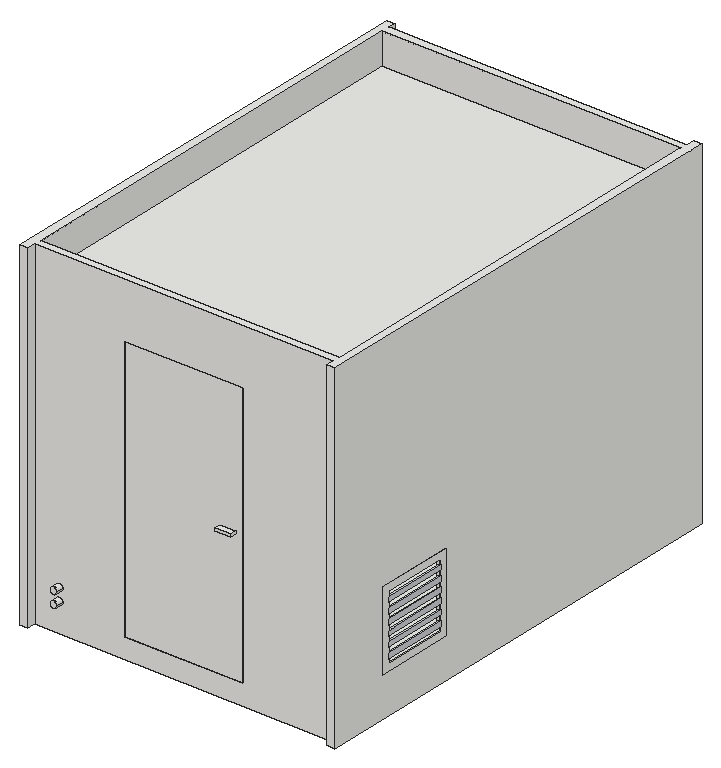
Revit family "HOSPITAIR C 15 bar", category Equipement de génie climatique, Revit 2018
Family settings
  Cote de connecteur circulaire = Utiliser le diamètre
  Classification = Aucun
  Type d'élément = Normal
  Basée sur le plan de construction = Non
  Toujours verticalement = Oui
  Couper avec des vides une fois chargée = Non
  Partagée = Non
  Point de calcul de pièce = Non
Parameters (values of type "HOSPITAIR C2 - 15 bar - MVX5 (NO CLIM)")
  Zone de maintenance = no
  VENTILATION LONGUEUR = 2940 mm
  TENSION_ALIM = 400 V  # constant formula
  PUISS_ELECT_Y = 5.6 kW
  PUISS_ELECT_X = 8.2 kW
  PUISS_APPARENTE_Y = PUISS_ELECT_Y / COS_PHI  # 6222.22 VA
  PUISS_APPARENTE_X = PUISS_ELECT_X / COS_PHI  # 9111.11 VA
  POIDS(Kg) = 1880 mm
  NIVEAU_SONORE(dB(A)) = 57
  NEUTRE = yes
  NBR_POLES = 3
  MVX4-5_MVA9_MVB12-16_MVC19-23_VENT = yes
  MVX4-5 MVA9_C2 = yes
  MVX4-5 MVA9_C1 = yes
  MVX4-5_ASPI_VENT C2 = no
  MVX4-5_ASPI_VENT C1 = yes
  MVC19-23_C2 = no
  MVC19-23_C1 = no
  MVC19-23_ASPI_VENT C2 = no
  MVC19-23_ASPI_VENT C1 = no
  MVB12_C2 = no
  MVB12_C1 = no
  MVA9_ASPI_VENT C2 = no
  MVA9_ASPI_VENT C1 = no
  Lien espace client = ""
  LONGUEUR_CABINE = 3500 mm
  LARG_SORTIE_RESERV = 1580 mm
  LARG_SORTIE_RESEAU = 785 mm
  LARG_CONDENSATS = 1100 mm
  LARGEUR_CABINE = 2400 mm
  HAUT_TROU_VENTIL = 2000 mm
  HAUT_SORTIE_RESERV = 1200 mm
  HAUT_SORTIE_RESEAU = 1510 mm
  HAUT_CONDENSATS = 310 mm
  HAUTEUR_CABINE = 2600 mm
  ELEC_ALIM Y = yes
  ELEC_ALIM X = yes
  Debit_réservoir_air = 44.0 m³/h
  Debit_refoulement_condensat = 0.0 m³/h
  Debit_refoulement réseau_air = 44.0 m³/h
  DOUBLE_ALIMENTATION = yes
  DIAM_RESEVOIR_AIR = 20 mm
  DIAM_REFOUL_CONDENSAT = 14 mm
  DIAM_REFOULEMENT RESEAU_AIR = 20 mm
  DESCR_RESERVOIR_AIR = "Connexion Réservoir Air; G3/4\"FEM"
  DESCR_REFOULEMENT RESEAU_AIR = "Refoulement Réseau Air; 44m3/h; G3/4\"FEM"
  DESCR_CONDENSAT = "Refoulement Condensat; Douille cannelée G1/2\""
  DESCR_ALIM_Y = "Alimentation électrique, 5G2.5mm²"
  DESCR_ALIM_X = "Alimentation électrique, 5G4mm²"
  COS_PHI = 0.9  # constant formula
  CLIMATISATION = no
  C2_LONGUEUR TROU = 300 mm
  C2 LONGUEUR = 970 mm
  C1_LONGUEUR TROU = 300 mm
  C1-C2_HAUTEUR TROU = 300 mm
  C1-C2_HAUTEUR = 1145 mm
  C1 LONGUEUR = 910 mm
  BRANCHEMENT_TERRE = yes
  VENTIL_TROU2 LONGUEUR = 500 mm
  VENTIL_TROU1 LONGUEUR = 600 mm
  VENTIL_TROU 1-2  HAUTEUR = 500 mm
  VENTIL_LONGUEUR 2 = 3000 mm
  VENTIL_LONGUEUR 1 = 450 mm
  VENTIL_TROU 1-2 HAUTEUR = 360 mm
Types (22, lengths in mm): name | VENTILATION LONGUEUR | PUISS_ELECT_Y | PUISS_ELECT_X | PUISS_APPARENTE_Y | PUISS_APPARENTE_X | POIDS(Kg) | NIVEAU_SONORE(dB(A)) | MVX4-5_MVA9_MVB12-16_MVC19-23_VENT | MVX4-5 MVA9_C2 | MVX4-5 MVA9_C1 | MVX4-5_ASPI_VENT C1 | MVC19-23_C2 | MVC19-23_C1 | MVC19-23_ASPI_VENT C2 | MVC19-23_ASPI_VENT C1 | MVB12_C2 | MVB12_C1 | MVA9_ASPI_VENT C2 | MVA9_ASPI_VENT C1 | LONGUEUR_CABINE | LARG_SORTIE_RESERV | LARG_SORTIE_RESEAU | LARG_CONDENSATS | HAUT_TROU_VENTIL | HAUT_SORTIE_RESERV | HAUT_SORTIE_RESEAU | HAUT_CONDENSATS | ELEC_ALIM Y | Debit_réservoir_air | Debit_refoulement réseau_air | DOUBLE_ALIMENTATION | DIAM_RESEVOIR_AIR | DIAM_REFOULEMENT RESEAU_AIR | DESCR_RESERVOIR_AIR | DESCR_REFOULEMENT RESEAU_AIR | DESCR_ALIM_Y | DESCR_ALIM_X | CLIMATISATION | C2_LONGUEUR TROU | C2 LONGUEUR | C1_LONGUEUR TROU | C1-C2_HAUTEUR TROU | C1-C2_HAUTEUR | C1 LONGUEUR | VENTIL_TROU2 LONGUEUR | VENTIL_TROU1 LONGUEUR | VENTIL_TROU 1-2  HAUTEUR | VENTIL_LONGUEUR 2 | VENTIL_LONGUEUR 1 | VENTIL_TROU 1-2 HAUTEUR
  (no name) | 2940 | 5.6 kW | 8.2 kW | 6222.22 VA | 9111.11 VA | 1880 | 57 | yes | yes | yes | yes | no | no | no | no | no | no | no | no | 3500 | 1580 | 785 | 1100 | 2000 | 1200 | 1510 | 310 | yes | 44.0 m³/h | 44.0 m³/h | yes | 20 | 20 | "Connexion Réservoir Air; G3/4\"FEM" | "Refoulement Réseau Air; 44m3/h; G3/4\"FEM" | "Alimentation électrique, 5G2.5mm²" | "Alimentation électrique, 5G4mm²" | no | 300 | 970 | 300 | 300 | 1145 | 910 | 500 | 600 | 500 | 3000 | 450 | 360
  HOSPITAIR C2 - 15 bar - MVX4 (CLIM) | 4500 | 4.1 kW | 8.4 kW | 4555.56 VA | 9333.33 VA | 1800 | 57 | no | yes | yes | yes | no | no | no | no | no | no | no | no | 3500 | 1580 | 785 | 857 | 2041.5 | 1216 | 1498 | 308 | yes | 44.0 m³/h | 44.0 m³/h | yes | 20 | 20 | "Connexion Réservoir Air; G3/4\"FEM" | "Refoulement Réseau Air; 44m3/h; G3/4\"FEM" | "Alimentation électrique, 5G1.5mm²" | "Alimentation électrique, 5G4mm²" | yes | 300 | 970 | 300 | 300 | 1145 | 910 | 500 | 600 | 600 | 3000 | 450 | 360
  HOSPITAIR C2 - 15 bar - MVA9 (CLIM) | 4500 | 7.6 kW | 11.9 kW | 8444.44 VA | 13222.2 VA | 2010 | 58 | no | yes | yes | no | no | no | no | no | no | no | no | yes | 4000 | 1580 | 785 | 804 | 2041.5 | 1235 | 1510 | 283 | yes | 100.0 m³/h | 100.0 m³/h | yes | 20 | 20 | "Connexion Réservoir Air; G3/4\"FEM" | "Refoulement Réseau Air; 100m3/h; G3/4\"FEM" | "Alimentation électrique, 5G6mm²" | "Alimentation électrique, 5G10mm²" | yes | 300 | 1170 | 300 | 300 | 1286.5 | 1040 | 700 | 700 | 700 | 3000 | 510 | 460
  HOSPITAIR C2 - 15 bar - MVB12 (CLIM) | 4500 | 11.1 kW | 15.4 kW | 12333.3 VA | 17111.1 VA | 2300 | 58 | no | no | no | no | no | no | no | no | yes | yes | yes | yes | 4000 | 1612 | 785 | 1100 | 2041.5 | 1261 | 1629 | 310 | yes | 156.0 m³/h | 156.0 m³/h | yes | 20 | 20 | "Connexion Réservoir Air; G3/4\"FEM" | "Refoulement Réseau Air; 156m3/h; G3/4\"FEM" | "Alimentation électrique, 5G10mm²" | "Alimentation électrique, 5G16mm²" | yes | 400 | 1100 | 400 | 400 | 1437 | 960 | 700 | 700 | 700 | 1290 | 250 | 360
  HOSPITAIR C2 - 15 bar - MVB16 (CLIM) | 4500 | 15.1 kW | 19.4 kW | 16777.8 VA | 21555.6 VA | 2600 | 62 | no | no | no | no | no | no | no | no | yes | yes | yes | yes | 4000 | 1612 | 785 | 800 | 2041.5 | 1261 | 1629 | 310 | yes | 204.0 m³/h | 204.0 m³/h | yes | 20 | 20 | "Connexion Réservoir Air; G3/4\"FEM" | "Refoulement Réseau Air; 204m3/h; G3/4\"FEM" | "Alimentation électrique, 5G16mm²" | "Alimentation électrique, 5G16mm²" | yes | 400 | 1590 | 400 | 400 | 1437 | 1060 | 700 | 700 | 700 | 1290 | 250 | 360
  HOSPITAIR C2 - 15 bar - MVC19 (CLIM) | 4500 | 18.6 kW | 22.9 kW | 20666.7 VA | 25444.4 VA | 2750 | 62 | no | no | no | no | yes | yes | yes | yes | no | no | no | no | 4300 | 1705 | 860 | 795 | 2041.5 | 1254 | 1629 | 310 | yes | 300.0 m³/h | 300.0 m³/h | yes | 20 | 20 | "Connexion Réservoir Air; G3/4\"FEM" | "Refoulement Réseau Air; 300m3/h; G3/4\"FEM" | "Alimentation électrique, 5G16mm²" | "Alimentation électrique, 5G25mm²" | yes | 500 | 1200 | 500 | 500 | 1728 | 1017 | 800 | 800 | 800 | 880 | 780 | 360
  HOSPITAIR C2 - 15 bar - MVC23 (CLIM) | 4500 | 22.1 kW | 26.4 kW | 24555.6 VA | 29333.3 VA | 3290 | 63 | no | no | no | no | yes | yes | yes | yes | no | no | no | no | 4300 | 1665 | 785 | 800 | 2041.5 | 1255 | 1629 | 310 | yes | 348.0 m³/h | 348.0 m³/h | yes | 20 | 20 | "Connexion Réservoir Air; G3/4\"FEM" | "Refoulement Réseau Air; 348m3/h; G3/4\"FEM" | "Alimentation électrique, 5G25mm²" | "Alimentation électrique, 5G25mm²" | yes | 500 | 1200 | 500 | 500 | 1728 | 1017 | 800 | 800 | 800 | 880 | 780 | 360
  HOSPITAIR C2 - 15 bar - MVX4 (NO CLIM) | 2940 | 4.1 kW | 6.7 kW | 4555.56 VA | 7444.44 VA | 1800 | 57 | yes | yes | yes | yes | no | no | no | no | no | no | no | no | 3500 | 1580 | 785 | 1100 | 2000 | 1200 | 1510 | 310 | yes | 44.0 m³/h | 44.0 m³/h | yes | 20 | 20 | "Connexion Réservoir Air; G3/4\"FEM" | "Refoulement Réseau Air; 44m3/h; G3/4\"FEM" | "Alimentation électrique, 5G1.5mm²" | "Alimentation électrique, 5G2.5mm²" | no | 300 | 970 | 300 | 300 | 1145 | 910 | 500 | 600 | 500 | 3000 | 450 | 360
  HOSPITAIR C2 - 15 bar - MVA9 (NO CLIM) | 3500 | 7.6 kW | 10.2 kW | 8444.44 VA | 11333.3 VA | 2010 | 58 | yes | yes | yes | no | no | no | no | no | no | no | no | yes | 4000 | 1580 | 785 | 1100 | 2000 | 1210 | 1510 | 310 | yes | 100.0 m³/h | 100.0 m³/h | yes | 20 | 20 | "Connexion Réservoir Air; G3/4\"FEM" | "Refoulement Réseau Air; 100m3/h; G3/4\"FEM" | "Alimentation électrique, 5G6mm²" | "Alimentation électrique, 5G6mm²" | no | 300 | 1170 | 300 | 300 | 1286.5 | 1040 | 700 | 700 | 700 | 3000 | 510 | 460
  HOSPITAIR C2 - 15 bar - MVB12 (NO CLIM) | 3500 | 11.1 kW | 13.7 kW | 12333.3 VA | 15222.2 VA | 2300 | 58 | yes | no | no | no | no | no | no | no | yes | yes | yes | yes | 4000 | 1660 | 833 | 760 | 2000 | 1313 | 1637 | 310 | yes | 156.0 m³/h | 156.0 m³/h | yes | 20 | 20 | "Connexion Réservoir Air; G3/4\"FEM" | "Refoulement Réseau Air; 156m3/h; G3/4\"FEM" | "Alimentation électrique, 5G10mm²" | "Alimentation électrique, 5G16mm²" | no | 400 | 1100 | 400 | 400 | 1437 | 960 | 700 | 700 | 700 | 1290 | 250 | 360
  HOSPITAIR C2 - 15 bar - MVB16 (NO CLIM) | 3500 | 15.1 kW | 17.7 kW | 16777.8 VA | 19666.7 VA | 2600 | 62 | yes | no | no | no | no | no | no | no | yes | yes | yes | yes | 4000 | 1612 | 785 | 800 | 2000 | 1261 | 1629 | 310 | yes | 204.0 m³/h | 204.0 m³/h | yes | 20 | 20 | "Connexion Réservoir Air; G3/4\"FEM" | "Refoulement Réseau Air; 204m3/h; G3/4\"FEM" | "Alimentation électrique, 5G16mm²" | "Alimentation électrique, 5G16mm²" | no | 400 | 1100 | 400 | 400 | 1437 | 960 | 700 | 700 | 700 | 1290 | 250 | 360
  HOSPITAIR C2 - 15 bar - MVC19 (NO CLIM) | 3850 | 18.6 kW | 21.2 kW | 20666.7 VA | 23555.6 VA | 2750 | 62 | yes | no | no | no | yes | yes | yes | yes | no | no | no | no | 4300 | 1660 | 780 | 760 | 2000 | 1293 | 1617 | 310 | yes | 300.0 m³/h | 300.0 m³/h | yes | 20 | 20 | "Connexion Réservoir Air; G3/4\"FEM" | "Refoulement Réseau Air; 300m3/h; G3/4\"FEM" | "Alimentation électrique, 5G16mm²" | "Alimentation électrique, 5G25mm²" | no | 500 | 1200 | 500 | 500 | 1721 | 1017 | 800 | 800 | 800 | 860 | 780 | 360
  HOSPITAIR C2 - 15 bar - MVC23 (NO CLIM) | 3740 | 22.1 kW | 24.7 kW | 24555.6 VA | 27444.4 VA | 3290 | 63 | yes | no | no | no | yes | yes | yes | yes | no | no | no | no | 4300 | 1660 | 780 | 760 | 2000 | 1293 | 1617 | 310 | yes | 348.0 m³/h | 348.0 m³/h | yes | 20 | 20 | "Connexion Réservoir Air; G3/4\"FEM" | "Refoulement Réseau Air; 348m3/h; G3/4\"FEM" | "Alimentation électrique, 5G25mm²" | "Alimentation électrique, 5G25mm²" | no | 500 | 1200 | 500 | 500 | 1721 | 1017 | 800 | 800 | 800 | 860 | 780 | 360
  HOSPITAIR C1 - 15 bar - MVX4 (NO CLIM) | 1595 | 0 kW | 6.7 kW | 0 VA | 7444.44 VA | 1050 | 57 | yes | no | yes | yes | no | no | no | no | no | no | no | no | 2200 | 1457 | 775 | 785 | 2041.5 | 1260 | 1608 | 310 | no | 22.0 m³/h | 22.0 m³/h | no | 15 | 15 | "Connexion Réservoir Air; G1/2\"FEM" | "Refoulement Réseau Air; 22m3/h; G1/2\"FEM" | "NE PAS UTILLISER" | "Alimentation électrique, 5G2.5mm²" | no | 300 | 1200 | 300 | 300 | 1146.5 | 905 | 500 | 500 | 500 | 2000 | 360 | 360
  HOSPITAIR C1 - 15 bar - MVA9 (NO CLIM) | 1895 | 0 kW | 10.2 kW | 0 VA | 11333.3 VA | 1100 | 58 | yes | no | yes | no | no | no | no | no | no | no | no | yes | 2500 | 1501 | 798 | 716 | 2041.5 | 1224 | 1517 | 388 | no | 50.0 m³/h | 50.0 m³/h | no | 15 | 15 | "Connexion Réservoir Air; G1/2\"FEM" | "Refoulement Réseau Air; 50m3/h; G1/2\"FEM" | "NE PAS UTILLISER" | "Alimentation électrique, 5G6mm²" | no | 300 | 1300 | 300 | 300 | 1286.5 | 1045 | 700 | 700 | 700 | 2000 | 360 | 360
  HOSPITAIR C1 - 15 bar - MVB12 (NO CLIM) | 1695 | 0 kW | 13.7 kW | 0 VA | 15222.2 VA | 1300 | 58 | yes | no | no | no | no | no | no | no | no | yes | no | yes | 2500 | 1492 | 789 | 722 | 1900 | 1184 | 1509 | 391 | no | 78.0 m³/h | 78.0 m³/h | no | 15 | 15 | "Connexion Réservoir Air; G1/2\"FEM" | "Refoulement Réseau Air; 78m3/h; G1/2\"FEM" | "NE PAS UTILLISER" | "Alimentation électrique, 5G16mm²" | no | 400 | 1500 | 400 | 400 | 1430 | 955 | 700 | 700 | 700 | 2000 | 360 | 410
  HOSPITAIR C1 - 15 bar - MVB16 (NO CLIM) | 1855 | 0 kW | 17.7 kW | 0 VA | 19666.7 VA | 1600 | 62 | yes | no | no | no | no | no | no | no | no | yes | no | yes | 2500 | 1530 | 770 | 723 | 2060 | 1164 | 1392 | 388 | no | 102.0 m³/h | 102.0 m³/h | no | 20 | 20 | "Connexion Réservoir Air; G3/4\"FEM" | "Refoulement Réseau Air; 102m3/h; G3/4\"FEM" | "NE PAS UTILLISER" | "Alimentation électrique, 5G16mm²" | no | 400 | 1500 | 400 | 400 | 1430 | 955 | 700 | 700 | 700 | 2000 | 360 | 360
  HOSPITAIR C1 - 15 bar - MVC19 (NO CLIM) | 2647 | 0 kW | 21.2 kW | 0 VA | 23555.6 VA | 1670 | 62 | yes | no | no | no | no | yes | no | no | no | no | no | yes | 3000 | 1765 | 938 | 723 | 1960 | 1105 | 1430 | 388 | no | 150.0 m³/h | 150.0 m³/h | no | 20 | 20 | "Connexion Réservoir Air; G3/4\"FEM" | "Refoulement Réseau Air; 150m3/h; G3/4\"FEM" | "NE PAS UTILLISER" | "Alimentation électrique, 5G25mm²" | no | 500 | 2000 | 500 | 500 | 1719 | 1247 | 700 | 700 | 700 | 2500 | 360 | 360
  HOSPITAIR C1 - 15 bar - MVC23 (NO CLIM) | 2647 | 0 kW | 24.7 kW | 0 VA | 27444.4 VA | 1950 | 63 | yes | no | no | no | no | yes | no | no | no | no | no | yes | 3000 | 1765 | 938 | 716 | 1960 | 1106 | 1430 | 388 | no | 174.0 m³/h | 174.0 m³/h | no | 20 | 20 | "Connexion Réservoir Air; G3/4\"FEM" | "Refoulement Réseau Air; 174m3/h; G3/4\"FEM" | "NE PAS UTILLISER" | "Alimentation électrique, 5G25mm²" | no | 500 | 2000 | 500 | 500 | 1719 | 1247 | 700 | 700 | 700 | 3000 | 360 | 360
  HOSPITAIR C1 - 15 bar - MVX5 (NO CLIM) | 1595 | 0 kW | 8.2 kW | 0 VA | 9111.11 VA | 1070 | 57 | yes | no | yes | yes | no | no | no | no | no | no | no | no | 2200 | 1457 | 775 | 785 | 2041.5 | 1260 | 1608 | 310 | no | 32.0 m³/h | 32.0 m³/h | no | 15 | 15 | "Connexion Réservoir Air; G1/2\"FEM" | "Refoulement Réseau Air; 32m3/h; G1/2\"FEM" | "NE PAS UTILLISER" | "Alimentation électrique, 5G4mm²" | no | 300 | 1200 | 300 | 300 | 1146.5 | 905 | 500 | 500 | 500 | 2000 | 360 | 360
  HOSPITAIR C2 - 15 bar - MVX5 (CLIM) | 4500 | 5.6 kW | 9.9 kW | 6222.22 VA | 11000 VA | 1880 | 57 | no | yes | yes | yes | no | no | no | no | no | no | no | no | 3500 | 1580 | 785 | 857 | 2041.5 | 1216 | 1498 | 308 | yes | 44.0 m³/h | 44.0 m³/h | yes | 20 | 20 | "Connexion Réservoir Air; G3/4\"FEM" | "Refoulement Réseau Air; 44m3/h; G3/4\"FEM" | "Alimentation électrique, 5G2.5mm²" | "Alimentation électrique, 5G4mm²" | yes | 300 | 970 | 300 | 300 | 1145 | 910 | 500 | 600 | 600 | 3000 | 450 | 360
  HOSPITAIR C2 - 15 bar - MVX5 (NO CLIM) | 2940 | 5.6 kW | 8.2 kW | 6222.22 VA | 9111.11 VA | 1880 | 57 | yes | yes | yes | yes | no | no | no | no | no | no | no | no | 3500 | 1580 | 785 | 1100 | 2000 | 1200 | 1510 | 310 | yes | 44.0 m³/h | 44.0 m³/h | yes | 20 | 20 | "Connexion Réservoir Air; G3/4\"FEM" | "Refoulement Réseau Air; 44m3/h; G3/4\"FEM" | "Alimentation électrique, 5G2.5mm²" | "Alimentation électrique, 5G4mm²" | no | 300 | 970 | 300 | 300 | 1145 | 910 | 500 | 600 | 500 | 3000 | 450 | 360
Reference planes
  plane 1 "Centre (avant/arrière)": y = 0
  plane 2: z = 0
  plane 3 "Centre (gauche/droite)": x = 0
  plane 4: x = -545
  plane 5: x = -545
  plane 6: x = -245
  plane 7: x = -1200
  plane 8: x = 1200
  plane 9: y = 3500
  plane 10: x = -1140
  plane 11: x = 1140
  plane 12: y = 3440
  plane 13: y = 60
  plane 14: z = 2600
  plane 15: y = 120
  plane 16: y = 3380
  plane 17: z = 150
  plane 18: z = 160
  plane 19: z = 2350
  plane 20: z = 2360
  plane 21: x = -450
  plane 22: x = 450
  plane 23: z = 2175
  plane 24: z = 1160
  plane 25: y = 750
  plane 26: y = 1050
  plane 27: y = 450
  plane 28: z = 360
  plane 29: z = 860
  plane 30: y = 910
  plane 31: y = 1060
  plane 32: y = 1210
  plane 33: z = 1145
  plane 34: z = 1445
  plane 35: y = 2940
  plane 36: z = 2000
  plane 37: y = 2180
  plane 38: y = 2330
  plane 39: y = 2480
  plane 40: y = 4300
  plane 41: y = 4550
  plane 42: y = 4050
  plane 43: x = -950
  plane 44: z = 225
  plane 45: z = 320
  plane 46: x = 415
  plane 47: z = 1510
  plane 48: x = 100
  plane 49: z = 310
  plane 50: x = -380
  plane 51: z = 1200
  plane 52: y = 4500
  plane 53: y = -3000
  plane 54: x = -4200
  plane 55: x = 2200
Forms (mm)
  Extrusion 1, solid, not visible
    sketch origin (-671.698, -1524, 268) x (-1, 0, 0) y (0, -1, 0)
      loop
        circle (-126.698, -1132) r 25
    from 0 to 17
  Extrusion 2, solid, not visible
    sketch origin (-671.698, -1524, 268) x (-1, 0, 0) y (0, -1, 0)
      loop
        circle (-126.698, -1132) r 25
    from 0 to 17
  Extrusion 3, solid, not visible
    sketch origin (-371.698, -1524, 268) x (-1, 0, 0) y (0, -1, 0)
      loop
        circle (-126.698, -1132) r 25
    from 0 to 17
  Extrusion 4, solid, material "BLANC MILS"
    sketch origin (0, 0, 0) x (1, 0, 0) y (0, 1, 0)
      loop
        line (-1200, 3500) -> (-1200, 0) -> (1200, 0) -> (1200, 3500) -> (-1200, 3500)
    from 0 to 2600
  Extrusion 5, void
    sketch origin (0, 0, 0) x (1, 0, 0) y (0, 1, 0)
      loop
        line (-1140, 60) -> (-1140, 0) -> (1140, 0) -> (1140, 60) -> (-1140, 60)
    from 0 to 2600
  Extrusion 6, void
    sketch origin (0, 0, 0) x (1, 0, 0) y (0, 1, 0)
      loop
        line (-1140, 3440) -> (1140, 3440) -> (1140, 3500) -> (-1140, 3500) -> (-1140, 3440)
    from 0 to 2600
  Extrusion 7, void
    sketch origin (0, 0, 0) x (1, 0, 0) y (0, 1, 0)
      loop
        line (-1140, 120) -> (1140, 120) -> (1140, 3380) -> (-1140, 3380) -> (-1140, 120)
    from 0 to 150
  Extrusion 8, solid, material "BLANC MILS"
    sketch origin (-1140, -1524, 150) x (0, -1, 0) y (-1, 0, 0)
      loop
        line (-1644, 0) -> (-4904, 0) -> (-4904, -2280) -> (-1644, -2280) -> (-1644, 0)
    from 0 to -10
  Extrusion 9, void
    sketch origin (-1287.886, -1524, 160) x (0, -1, 0) y (-1, 0, 0)
      loop
        line (-1644, -147.886) -> (-4904, -147.886) -> (-4904, -2427.886) -> (-1644, -2427.886) -> (-1644, -147.886)
    from 0 to -2190
  Extrusion 10, solid, material "BLANC MILS"
    sketch origin (-1356.591, -1524, 2350) x (-1, 0, 0) y (0, -1, 0)
      loop
        line (-216.591, -4904) -> (-216.591, -1644) -> (-2496.591, -1644) -> (-2496.591, -4904) -> (-216.591, -4904)
    from 0 to 10
  Extrusion 11, void
    sketch origin (-1287.886, -1524, 2360) x (0, -1, 0) y (-1, 0, 0)
      loop
        line (-4904, -147.886) -> (-4904, -2427.886) -> (-1644, -2427.886) -> (-1644, -147.886) -> (-4904, -147.886)
    from 0 to -240
  Extrusion 12, void
    sketch origin (-1287.886, -1524, 160) x (0, -1, 0) y (-1, 0, 0)
      loop
        line (-1644, -837.886) -> (-1644, -1737.886) -> (-1584, -1737.886) -> (-1584, -837.886) -> (-1644, -837.886)
    from 0 to -2015
  Extrusion 13, solid, material "BLANC MILS"
    sketch origin (-1287.886, -1524, 160) x (-1, 0, 0) y (0, -1, 0)
      loop
        line (-837.886, -1644) -> (-837.886, -1584) -> (-1737.886, -1584) -> (-1737.886, -1644) -> (-837.886, -1644)
    from 0 to 2015
  Extrusion 14, solid, material "BLANC MILS"
    sketch origin (323.818, 60, 160) x (-1, 0, 0) y (0, 0, -1)
      loop
        line (-76.182, -1000) -> (-76.182, -1020) -> (43.818, -1020) -> (43.818, -1000) -> (-76.182, -1000)
    from 0 to 50
  Extrusion 15, void
    sketch origin (4267.2, -294.179, 360) x (1, 0, 0) y (0, -1, 0)
      loop
        line (-3127.2, -1344.179) -> (-3067.2, -1344.179) -> (-3067.2, -744.179) -> (-3127.2, -744.179) -> (-3127.2, -1344.179)
    from 0 to -500
  Extrusion 16, void
    sketch origin (0, 2844.884, 1145) x (-1, 0, 0) y (0, 1, 0)
      loop
        line (1200, -1634.884) -> (1140, -1634.884) -> (1140, -1934.884) -> (1200, -1934.884) -> (1200, -1634.884)
    from 0 to -300
  Extrusion 17, void
    sketch origin (-1200, 1394.776, 1200) x (0, -1, 0) y (0, 0, 1)
      loop
        circle (-1545.224, 800) r 160
    from 0 to -60
  Extrusion 18, void
    sketch origin (0, 2844.884, 1145) x (-1, 0, 0) y (0, 1, 0)
      loop
        line (1200, -364.884) -> (1140, -364.884) -> (1140, -664.884) -> (1200, -664.884) -> (1200, -364.884)
    from 0 to -300
  Extrusion 19, void
    sketch origin (4267.2, -294.179, 360) x (1, 0, 0) y (0, -1, 0)
      loop
        line (-3067.2, -4844.179) -> (-3067.2, -4344.179) -> (-3127.2, -4344.179) -> (-3127.2, -4844.179) -> (-3067.2, -4844.179)
    from 0 to -500
  Extrusion 20, solid, material "BLANC MILS", visible <- "ELEC_ALIM X"
    sketch origin (-1363.945, 60, 1200) x (-1, 0, 0) y (0, 0, 1)
      loop
        circle (-413.945, -975) r 25
    from 0 to -51
  Extrusion 21, solid, material "BLANC MILS", visible <- "ELEC_ALIM Y"
    sketch origin (-1363.945, 60, 1200) x (-1, 0, 0) y (0, 0, 1)
      loop
        circle (-413.945, -880) r 25
    from 0 to -51
  Extrusion 22, solid, material "BLANC MILS"
    sketch origin (-1363.945, 3440, 1200) x (-1, 0, 0) y (0, 0, 1)
      loop
        circle (-1778.945, 310) r 16
    from 0 to 36
  Extrusion 23, solid, material "BLANC MILS"
    sketch origin (-1363.945, 3440, 1200) x (-1, 0, 0) y (0, 0, 1)
      loop
        circle (-1463.945, -890) r 15
    from 0 to 36
  Extrusion 24, solid, material "BLANC MILS"
    sketch origin (-1363.945, 3440, 1200) x (-1, 0, 0) y (0, 0, 1)
      loop
        circle (-983.945, 0) r 18
    from 0 to 36
  Extrusion 25, solid, visible <- "Zone de maintenance"
    sketch origin (-130.25, 402.933, 0) x (1, 0, 0) y (0, 1, 0)
      loop
        line (-4069.75, 4097.067) -> (-4069.75, -3402.933) -> (2330.25, -3402.933) -> (2330.25, 4097.067) -> (-4069.75, 4097.067)
    from 0 to 2600
Cuts and joins
  Extrusion 5, Extrusion 6, Extrusion 7, Extrusion 9, Extrusion 11, Extrusion 12, Extrusion 15, Extrusion 16, Extrusion 17, Extrusion 18, Extrusion 19 cuts Extrusion 4
  Extrusion 9, Extrusion 12, Extrusion 15 cuts Extrusion 8
  Extrusion 11 cuts Extrusion 10
  joined: Extrusion 13, Extrusion 14
Dimensions and locks
  equal spacing: plane 7, plane 3 "Centre (gauche/droite)", plane 8
  "LONGUEUR_CABINE": plane 1 "Centre (avant/arrière)" to plane 9
  "LARGEUR_CABINE": plane 7 to plane 8
  locked: plane 1 "Centre (avant/arrière)" to plane 13 at 60
  locked: plane 7 to plane 10 at 60
  locked: plane 9 to plane 12 at 60
  locked: plane 11 to plane 8 at 60
  "HAUTEUR_CABINE": plane 14 to plane 2
  locked: plane 12 to plane 16 at 60
  locked: plane 15 to plane 13 at 60
  locked: plane 17 to plane 2 at 150
  locked: plane 18 to plane 17 at 10
  plane 19 to plane 18 = 2190 mm
  locked: plane 20 to plane 19 at 10
  Extrusion 11 to plane 7 = 2340 mm
  locked: plane 14 to plane 20 at 240
  plane 22 to plane 3 "Centre (gauche/droite)" to plane 21 = 450 mm, 450 mm
  plane 23 to plane 18 = 2015 mm
  Extrusion 12 to plane 3 "Centre (gauche/droite)" = 450 mm
  plane 24 to plane 18 = 1000 mm
  locked: Extrusion 14 sketch curve to plane 24 at 20
  equal spacing: plane 26, plane 25, plane 27
  "VENTIL_LONGUEUR 1": plane 1 "Centre (avant/arrière)" to plane 27
  "VENTIL_TROU 1-2 HAUTEUR": plane 28 to level
  "VENTIL_TROU 1-2  HAUTEUR": plane 29 to plane 28
  "C1 LONGUEUR": plane 1 "Centre (avant/arrière)" to plane 30
  plane 33 to level = 1145 mm
  "HAUT_TROU_VENTIL": plane 36 to level
  equal spacing: plane 32, plane 31, plane 30
  plane 30 to plane 1 "Centre (avant/arrière)" = 910 mm
  "C1-C2_HAUTEUR": plane 33 to level
  "C2 LONGUEUR": plane 37 to plane 32
  equal spacing: plane 39, plane 38, plane 37
  "C1_LONGUEUR TROU": plane 32 to plane 30
  "C2_LONGUEUR TROU": plane 39 to plane 37
  "C1-C2_HAUTEUR TROU": plane 34 to plane 33
  "VENTILATION LONGUEUR": plane 1 "Centre (avant/arrière)" to plane 35
  equal spacing: plane 41, plane 40, plane 42
  "VENTIL_TROU1 LONGUEUR": plane 27 to plane 26
  "VENTIL_LONGUEUR 2": plane 42 to plane 26
  "VENTIL_TROU2 LONGUEUR": plane 42 to plane 41
  plane 9 to plane 35 = 560 mm
  plane 7 to plane 43 = 250 mm
  locked: plane 45 to plane 44 at 95
  plane 44 to plane 2 = 225 mm
  "HAUT_SORTIE_RESEAU": level to plane 47
  "LARG_SORTIE_RESEAU": plane 8 to plane 46
  "HAUT_CONDENSATS": level to plane 49
  "LARG_CONDENSATS": plane 8 to plane 48
  "HAUT_SORTIE_RESERV": level to plane 51
  locked: Extrusion 22 to plane 12 at 36
  locked: Extrusion 23 to plane 12 at 36
  locked: Extrusion 24 to plane 12 at 36
  plane 52 to plane 9 = 1000 mm
  plane 1 "Centre (avant/arrière)" to plane 53 = 3000 mm
  plane 8 to plane 55 = 1000 mm
  plane 54 to plane 7 = 3000 mm
  "LARG_SORTIE_RESERV": plane 8 to plane 50
  radius of Extrusion 1 sketch curve = 25 mm
  radius of Extrusion 2 sketch curve = 25 mm
  radius of Extrusion 3 sketch curve = 25 mm
  aligned and locked: level to plane 2
  aligned and locked: Extrusion 4 sketch curve to plane 9
  aligned and locked: plane 7 to Extrusion 4 sketch curve
  aligned and locked: Extrusion 4 sketch curve to plane 1 "Centre (avant/arrière)"
  aligned and locked: Extrusion 4 sketch curve to plane 8
  aligned and locked: Extrusion 4 to level
  aligned and locked: plane 14 to Extrusion 4
  aligned and locked: Extrusion 5 sketch curve to plane 13
  aligned and locked: plane 10 to Extrusion 5 sketch curve
  aligned and locked: Extrusion 5 sketch curve to plane 1 "Centre (avant/arrière)"
  aligned and locked: plane 11 to Extrusion 5 sketch curve
  aligned and locked: Extrusion 4 to Extrusion 5
  aligned and locked: Extrusion 5 to level
  aligned and locked: Extrusion 6 sketch curve to plane 12
  aligned and locked: Extrusion 6 sketch curve to plane 10
  aligned and locked: plane 9 to Extrusion 6 sketch curve
  aligned and locked: plane 11 to Extrusion 6 sketch curve
  aligned and locked: Extrusion 4 to Extrusion 6
  aligned and locked: Extrusion 6 to level
  aligned and locked: Extrusion 7 sketch curve to plane 15
  aligned and locked: Extrusion 7 sketch curve to plane 10
  aligned and locked: plane 16 to Extrusion 7 sketch curve
  aligned and locked: Extrusion 7 sketch curve to plane 11
  aligned and locked: Extrusion 8 sketch curve to cut or joined group 1 (Extrusion 4, Extrusion 5, Extrusion 6, Extrusion 7, Extrusion 9, Extrusion 11, Extrusion 12, Extrusion 15, Extrusion 16, Extrusion 17, Extrusion 18, Extrusion 19)  (x4)
  aligned and locked: plane 18 to Extrusion 8
  aligned and locked: Extrusion 8 to cut or joined group 1
  aligned and locked: Extrusion 9 sketch curve to cut or joined group 1  (x4)
  aligned and locked: plane 19 to Extrusion 9
  aligned and locked: Extrusion 9 to plane 18
  aligned and locked: Extrusion 10 sketch curve to cut or joined group 1  (x4)
  aligned and locked: plane 20 to Extrusion 10
  aligned and locked: Extrusion 10 to cut or joined group 1
  aligned and locked: Extrusion 11 sketch curve to cut or joined group 1  (x2)
  aligned and locked: cut or joined group 1 to Extrusion 11 sketch curve  (x2)
  aligned and locked: Extrusion 11 to plane 20
  aligned and locked: Extrusion 4 to Extrusion 11
  aligned and locked: Extrusion 11 to cut or joined group of Extrusion 10, Extrusion 11
  aligned and locked: plane 15 to Extrusion 12 sketch curve
  aligned and locked: plane 21 to Extrusion 12 sketch curve
  aligned and locked: Extrusion 12 sketch curve to plane 13
  aligned and locked: Extrusion 12 sketch curve to plane 22
  aligned and locked: Extrusion 12 to plane 18
  aligned and locked: Extrusion 13 to cut or joined group 1
  aligned and locked: plane 24 to Extrusion 14 sketch curve
  aligned and locked: plane 26 to Extrusion 15 sketch curve
  aligned and locked: plane 11 to Extrusion 15 sketch curve
  aligned and locked: plane 27 to Extrusion 15 sketch curve
  aligned and locked: plane 8 to Extrusion 15 sketch curve
  aligned and locked: plane 29 to Extrusion 15
  aligned and locked: Extrusion 15 to plane 28
  aligned and locked: plane 32 to Extrusion 16 sketch curve
  aligned and locked: Extrusion 16 sketch curve to plane 7
  aligned and locked: Extrusion 16 sketch curve to plane 30
  aligned and locked: plane 10 to Extrusion 16 sketch curve
  aligned and locked: plane 34 to Extrusion 16
  aligned and locked: Extrusion 16 to plane 33
  aligned and locked: plane 10 to Extrusion 17
  aligned and locked: Extrusion 17 to plane 7
  aligned and locked: plane 39 to Extrusion 18 sketch curve
  aligned and locked: Extrusion 18 sketch curve to plane 7
  aligned and locked: Extrusion 18 sketch curve to plane 37
  aligned and locked: Extrusion 18 sketch curve to cut or joined group 1
  aligned and locked: Extrusion 16 to Extrusion 18
  aligned and locked: Extrusion 18 to plane 33
  aligned and locked: plane 35 to Extrusion 17 sketch curve
  aligned and locked: plane 36 to Extrusion 17 sketch curve
  aligned and locked: plane 8 to Extrusion 19 sketch curve
  aligned and locked: plane 42 to Extrusion 19 sketch curve
  aligned and locked: Extrusion 19 sketch curve to plane 11
  aligned and locked: plane 41 to Extrusion 19 sketch curve
  aligned and locked: Extrusion 19 to cut or joined group 1
  aligned and locked: cut or joined group 1 to Extrusion 19
  aligned and locked: nested 1 to plane 33
  aligned and locked: nested 2 to plane 33
  aligned and locked: nested 2 to plane 37
  aligned and locked: cut or joined group 1 to plane 30
  aligned and locked: nested 1 to plane 30
  aligned and locked: cut or joined group 1 to plane 37
  aligned and locked: nested 5 to cut or joined group 1  (x2)
  aligned and locked: plane 35 to nested 9
  aligned and locked: nested 14 to plane 12
  aligned and locked: Extrusion 22 to plane 12
  aligned and locked: Extrusion 23 to plane 12
  aligned and locked: plane 51 to Extrusion 24 sketch curve
  aligned and locked: plane 50 to Extrusion 24 sketch curve
  aligned and locked: Extrusion 24 to plane 12
  aligned and locked: Extrusion 23 sketch curve to plane 49
  aligned and locked: plane 48 to Extrusion 23 sketch curve
  aligned and locked: plane 46 to Extrusion 22 sketch curve
  aligned and locked: plane 47 to Extrusion 22 sketch curve
  aligned and locked: plane 52 to Extrusion 25
  aligned and locked: Extrusion 25 to plane 55
  aligned and locked: Extrusion 25 to plane 53
  aligned and locked: Extrusion 25 to plane 54
  aligned and locked: Extrusion 25 to plane 14
  aligned and locked: plane 31 to nested 6
  aligned and locked: nested 9 to plane 36
  aligned and locked: nested 6 to plane 33
  aligned and locked: plane 31 to nested 10
  aligned and locked: nested 3 to plane 25
  aligned and locked: plane 38 to nested 7
Automatic sketch dimensions
  Extrusion 13 sketch curve to plane 15 = 0 mm
  Extrusion 13 sketch curve to plane 22 = 0 mm
  Extrusion 13 sketch curve to plane 13 = 0 mm
  Extrusion 13 sketch curve to plane 21 = 0 mm
  Extrusion 14 sketch curve to Extrusion 13 = 50 mm
  Extrusion 14 sketch curve to Extrusion 14 sketch curve = 120 mm
  Extrusion 20 sketch curve to plane 43 = 0 mm
  Extrusion 20 sketch curve to plane 44 = 0 mm
  Extrusion 21 sketch curve to plane 43 = 0 mm
  Extrusion 21 sketch curve to plane 45 = 0 mm
  plane 21 to Extrusion 25 sketch curve = 3750 mm
  plane 8 to Extrusion 25 sketch curve = 1000 mm
  plane 1 "Centre (avant/arrière)" to Extrusion 25 sketch curve = 3000 mm
  plane 32 to Extrusion 25 sketch curve = 3290 mm
  radius of Extrusion 17 sketch curve = 160 mm
  radius of Extrusion 20 sketch curve = 25 mm
  radius of Extrusion 21 sketch curve = 25 mm
  radius of Extrusion 22 sketch curve = 16 mm
  radius of Extrusion 23 sketch curve = 15 mm
  radius of Extrusion 24 sketch curve = 18 mm
Nested families
  nested 1: "GRILLES" at (-1200, 1060, 1145) x (-1, 0, 0) z (0, 0, 1), visible <- "MVX4-5 MVA9_C1", type "GRILLE C1-C2 MX4-5 - MVA9"
  nested 2: "GRILLES" at (-1200, 2330, 1145) x (-1, 0, 0) z (0, 0, 1), visible <- "MVX4-5 MVA9_C2", type "GRILLE C1-C2 MX4-5 - MVA9"
  nested 3: "GRILLES" at (1200, 750, 360), visible <- "MVX4-5_ASPI_VENT C1", type "GRILLE ASPI AIR MX4-5"
  nested 4: "GRILLES" at (1200, 3110, 360), visible <- "MVX4-5_ASPI_VENT C2", type "GRILLE ASPI AIR MX4-5"
  nested 5: "GRILLES" at (1200, 700, 360), visible <- "MVA9_ASPI_VENT C1", type "GRILLE ASPI AIR MVA9"
  nested 6: "GRILLES" at (-1200, 1060, 1145) x (-1, 0, 0) z (0, 0, 1), visible <- "MVB12_C1", type "GRILLE C1-C2 MVB12"
  nested 7: "GRILLES" at (-1200, 2330, 1437) x (-1, 0, 0) z (0, 0, 1), visible <- "MVB12_C2", type "GRILLE C1-C2 MVB12"
  nested 8: "GRILLES" at (1200, 2610, 360), visible <- "MVA9_ASPI_VENT C2", type "GRILLE ASPI AIR MVA9"
  nested 9: "GRILLES" at (-1200, 2940, 1838.462) x (-1, 0, 0) z (0, 0, 1), visible <- "MVX4-5_MVA9_MVB12-16_MVC19-23_VENT", type "GRILLE"
  nested 10: "GRILLES" at (-1200, 1060, 1728) x (-1, 0, 0) z (0, 0, 1), visible <- "MVC19-23_C1", type "GRILLE C1-C2 MVC19-23"
  nested 11: "GRILLES" at (-1200, 2967, 1728) x (-1, 0, 0) z (0, 0, 1), visible <- "MVC19-23_C2", type "GRILLE C1-C2 MVC19-23"
  nested 12: "GRILLES" at (1200, 1180, 360), visible <- "MVC19-23_ASPI_VENT C1", type "GRILLE ASPI AIR MVC19-23"
  nested 13: "GRILLES" at (1200, 2860, 360), visible <- "MVC19-23_ASPI_VENT C2", type "GRILLE ASPI AIR MVC19-23"
  nested 14: "CLIMATISATION" at (0, 3440, 1796.5), visible <- "CLIMATISATION", type "CLIMATISATION"
Connectors
  electrical at (-950, 9, 225), driven by "NBR_POLES", driven by "TENSION_ALIM", driven by "PUISS_APPARENTE_X", driven by "COS_PHI", driven by "DESCR_ALIM_X"
    settings: on Extrusion 20, index 1, voltage 400 V, apparent load 9111.11 VA, apparent load phase1 0 VA, apparent load phase2 0 VA, apparent load phase3 0 VA, power factor 0.9, load classification "Moteur", number of poles 3, system type 30, power factor state 1, is connector primary yes, connector utility no, sub classification motor no, connector description "Alimentation électrique, 5G4mm²"
  piping at (415, 3476, 1510), diameter 20, driven by "DIAM_REFOULEMENT RESEAU_AIR", driven by "Debit_refoulement réseau_air", driven by "DESCR_REFOULEMENT RESEAU_AIR"
    settings: on Extrusion 22, index 2, connector inside diameter 609.6 mm, connector length 0 mm, flow factor 0, pipe flow 44.0 m³/h, pressure drop 0.0 Pa, fitting loss kfactor 0, connector angle 0.00°, fixture units 0, engagement length 0 mm, angle of deflection 0.00°, flow configuration 0, flow direction 2, fitting loss method 0, system type 22, joint type 0, gender type 0, connector reference index -1, connector utility 0, adjustable connector no, is connector primary yes, connector description "Refoulement Réseau Air; 44m3/h; G3/4\"FEM"
  piping at (-380, 3476, 1200), diameter 20, driven by "DIAM_RESEVOIR_AIR", driven by "Debit_réservoir_air", driven by "DESCR_RESERVOIR_AIR"
    settings: on Extrusion 24, index 3, connector inside diameter 609.6 mm, connector length 0 mm, flow factor 0, pipe flow 44.0 m³/h, pressure drop 0.0 Pa, fitting loss kfactor 0, connector angle 0.00°, fixture units 0, engagement length 0 mm, angle of deflection 0.00°, flow configuration 0, flow direction 0, fitting loss method 0, system type 22, joint type 0, gender type 0, connector reference index -1, connector utility 0, adjustable connector no, is connector primary no, connector description "Connexion Réservoir Air; G3/4\"FEM"
  piping at (100, 3476, 310), diameter 14, driven by "DIAM_REFOUL_CONDENSAT", driven by "Debit_refoulement_condensat", driven by "DESCR_CONDENSAT"
    settings: on Extrusion 23, index 4, connector inside diameter 609.6 mm, connector length 0 mm, flow factor 0, pipe flow 0.0 m³/h, pressure drop 0.0 Pa, fitting loss kfactor 0, connector angle 0.00°, fixture units 0, engagement length 0 mm, angle of deflection 0.00°, flow configuration 0, flow direction 2, fitting loss method 0, system type 22, joint type 0, gender type 0, connector reference index -1, connector utility 0, adjustable connector no, is connector primary no, connector description "Refoulement Condensat; Douille cannelée G1/2\""
  electrical at (-950, 9, 320), driven by "NBR_POLES", driven by "TENSION_ALIM", driven by "PUISS_APPARENTE_Y", driven by "COS_PHI", driven by "DESCR_ALIM_Y"
    settings: on Extrusion 21, index 5, voltage 400 V, apparent load 6222.22 VA, apparent load phase1 0 VA, apparent load phase2 0 VA, apparent load phase3 0 VA, power factor 0.9, load classification "Moteur", number of poles 3, system type 30, power factor state 1, is connector primary no, connector utility no, sub classification motor no, connector description "Alimentation électrique, 5G2.5mm²"
Definition of nested family "GRILLES"
  Parameters (values of type "GRILLE")
    MATERIAU = none
    Lien espace client = ""
    LONGUEUR = 0 mm
    LARGEUR = 300 mm
    HAUTEUR = 300 mm
  Types (8, lengths in mm): name | LARGEUR | HAUTEUR
    GRILLE | 300 | 300
    GRILLE ASPI AIR MVC19-23 | 800 | 800
    GRILLE C1-C2 MVC19-23 | 500 | 500
    GRILLE C1-C2 MVB12 | 400 | 400
    GRILLE ASPI AIR MVA9 | 700 | 700
    GRILLE ASPI AIR MX4-5 | 500 | 500
    GRILLE C2 | 400 | 400
    GRILLE C1-C2 MX4-5 - MVA9 | 300 | 300
  Reference planes
    plane 1 "Centre (avant/arrière)": y = 0
    plane 2: z = 0
    plane 3 "Centre (gauche/droite)": x = 0
    plane 4: x = -545
    plane 5: x = -545
    plane 6: x = -245
    plane 7: y = 150
    plane 8: y = -150
    plane 9: x = 10
    plane 10: z = 300
    plane 11: y = -200
    plane 12: y = 200
    plane 13: z = 350
    plane 14: z = -50
  Forms (mm)
    Extrusion 1, solid, not visible
      sketch origin (-671.698, -1524, 268) x (-1, 0, 0) y (0, -1, 0)
        loop
          circle (-126.698, -1132) r 25
      from 0 to 17
    Extrusion 2, solid, not visible
      sketch origin (-671.698, -1524, 268) x (-1, 0, 0) y (0, -1, 0)
        loop
          circle (-126.698, -1132) r 25
      from 0 to 17
    Extrusion 3, solid, not visible
      sketch origin (-371.698, -1524, 268) x (-1, 0, 0) y (0, -1, 0)
        loop
          circle (-126.698, -1132) r 25
      from 0 to 17
    Extrusion 4, void
      sketch origin (0, 0, 0) x (1, 0, 0) y (0, 1, 0)
        loop
          line (0, 150) -> (0, -150) -> (10, -150) -> (10, 150) -> (0, 150)
      from 0 to 300
    Extrusion 5, solid, material <- "MATERIAU"
      sketch origin (4267.2, -485.496, -50) x (0, -1, 0) y (1, 0, 0)
        loop
          line (-285.496, -4267.2) -> (-285.496, -4257.2) -> (-685.496, -4257.2) -> (-685.496, -4267.2) -> (-285.496, -4267.2)
      from 0 to 400
    Extrusion 6, solid
      sketch origin (0, -1524, 2179.106) x (0, 0, 1) y (0, -1, 0)
        loop
          line (-1902.183, -1374) -> (-1925.26, -1374) -> (-1925.26, -1674) -> (-1902.183, -1674) -> (-1902.183, -1374)
        loop
          line (-1948.336, -1374) -> (-1971.413, -1374) -> (-1971.413, -1674) -> (-1948.336, -1674) -> (-1948.336, -1374)
        loop
          line (-1994.49, -1674) -> (-1994.49, -1374) -> (-2017.567, -1374) -> (-2017.567, -1674) -> (-1994.49, -1674)
        loop
          line (-2040.644, -1674) -> (-2040.644, -1374) -> (-2063.721, -1374) -> (-2063.721, -1674) -> (-2040.644, -1674)
        loop
          line (-2086.798, -1374) -> (-2109.875, -1374) -> (-2109.875, -1674) -> (-2086.798, -1674) -> (-2086.798, -1374)
        loop
          line (-2132.952, -1374) -> (-2156.029, -1374) -> (-2156.029, -1674) -> (-2132.952, -1674) -> (-2132.952, -1374)
      from 0 to 10
  Cuts and joins
    Extrusion 4 cuts Extrusion 5
  Dimensions and locks
    plane 3 "Centre (gauche/droite)" to plane 9 = 10 mm
    "HAUTEUR": plane 10 to level
    "LARGEUR": plane 8 to plane 7
    equal spacing: plane 8, plane 1 "Centre (avant/arrière)", plane 7
    locked: level to plane 14 at 50
    locked: plane 11 to plane 8 at 50
    locked: plane 13 to plane 10 at 50
    locked: plane 7 to plane 12 at 50
    equal spacing: plane 10, Extrusion 6 sketch curve, Extrusion 6 sketch curve, Extrusion 6 sketch curve, Extrusion 6 sketch curve, Extrusion 6 sketch curve, Extrusion 6 sketch curve, Extrusion 6 sketch curve, Extrusion 6 sketch curve, Extrusion 6 sketch curve, Extrusion 6 sketch curve, Extrusion 6 sketch curve, Extrusion 6 sketch curve, level
    radius of Extrusion 1 sketch curve = 25 mm
    radius of Extrusion 2 sketch curve = 25 mm
    radius of Extrusion 3 sketch curve = 25 mm
    aligned and locked: level to plane 2
    aligned and locked: Extrusion 4 to plane 8
    aligned and locked: plane 10 to Extrusion 4
    aligned and locked: plane 7 to Extrusion 4
    aligned and locked: Extrusion 4 to level
    aligned and locked: Extrusion 5 sketch curve to plane 11
    aligned and locked: Extrusion 5 sketch curve to plane 3 "Centre (gauche/droite)"
    aligned and locked: plane 12 to Extrusion 5 sketch curve
    aligned and locked: plane 9 to Extrusion 5 sketch curve
    aligned and locked: plane 13 to Extrusion 5
    aligned and locked: plane 12 to Extrusion 5
    aligned and locked: Extrusion 5 to plane 14
    aligned and locked: Extrusion 5 to plane 11
    aligned and locked: plane 8 to Extrusion 6 sketch curve  (x4)
    aligned and locked: Extrusion 6 sketch curve to plane 8  (x2)
    aligned and locked: Extrusion 6 sketch curve to plane 7  (x4)
    aligned and locked: plane 7 to Extrusion 6 sketch curve  (x2)
  Automatic sketch dimensions
    Extrusion 4 sketch curve to plane 3 "Centre (gauche/droite)" = 0 mm
    Extrusion 4 sketch curve to plane 8 = 0 mm
    Extrusion 4 sketch curve to plane 9 = 0 mm
    Extrusion 4 sketch curve to plane 7 = 0 mm
Definition of nested family "CLIMATISATION"
  Parameters (values of type "CLIMATISATION")
    MATERIAU = none
    Lien espace client = ""
  Reference planes
    plane 1 "Centre (avant/arrière)": y = 0
    plane 2: z = 0
    plane 3 "Centre (gauche/droite)": x = 0
    plane 4: x = -545
    plane 5: x = -545
    plane 6: x = -245
    plane 7: z = 425.5
    plane 8: x = 375
    plane 9: x = -375
  Forms (mm)
    Extrusion 1, solid, not visible
      sketch origin (-671.698, -1524, 268) x (-1, 0, 0) y (0, -1, 0)
        loop
          circle (-126.698, -1132) r 25
      from 0 to 17
    Extrusion 2, solid, not visible
      sketch origin (-671.698, -1524, 268) x (-1, 0, 0) y (0, -1, 0)
        loop
          circle (-126.698, -1132) r 25
      from 0 to 17
    Extrusion 3, solid, not visible
      sketch origin (-371.698, -1524, 268) x (-1, 0, 0) y (0, -1, 0)
        loop
          circle (-126.698, -1132) r 25
      from 0 to 17
    Extrusion 4, solid, material <- "MATERIAU"
      sketch origin (0, 0, 0) x (1, 0, 0) y (0, 1, 0)
        loop
          line (-280, 0) -> (280, 0) -> (280, 570) -> (-280, 570) -> (-280, 0)
      from 0 to 375
    Extrusion 5, solid, material <- "MATERIAU"
      sketch origin (375, -464.348, 1200) x (0, -1, 0) y (0, 0, 1)
        loop
          line (-464.348, -774.5) -> (-464.348, -657.565)
          arc (-464.348, -657.565) -> (-465.268, -655.628) -> (-467.35, -655.116) r 2.5
          line (-467.35, -655.116) -> (-1049.348, -774.5) -> (-464.348, -774.5)
      from 0 to 750
    Extrusion 6, void
      sketch origin (375, -464.348, 1200) x (0, 1, 0) y (0, 0, 1)
        loop
          line (466.348, -774.5) -> (1039.395, -774.5) -> (468.149, -657.321)
          arc (468.149, -657.321) -> (466.9, -657.628) -> (466.348, -658.791) r 1.5
          line (466.348, -658.791) -> (466.348, -774.5)
      from -2 to -748
  Cuts and joins
    Extrusion 6 cuts Extrusion 5
  Dimensions and locks
    Extrusion 4 sketch curve to Extrusion 4 sketch curve = 570 mm
    Extrusion 4 sketch curve to Extrusion 4 sketch curve = 560 mm
    plane 7 to level = 425.5 mm
    plane 3 "Centre (gauche/droite)" to plane 8 = 375 mm
    plane 9 to plane 3 "Centre (gauche/droite)" = 375 mm
    plane 9 to plane 8 = 750 mm
    radius of Extrusion 1 sketch curve = 25 mm
    radius of Extrusion 2 sketch curve = 25 mm
    radius of Extrusion 3 sketch curve = 25 mm
    aligned and locked: level to plane 2
    aligned and locked: plane 1 "Centre (avant/arrière)" to Extrusion 4 sketch curve
